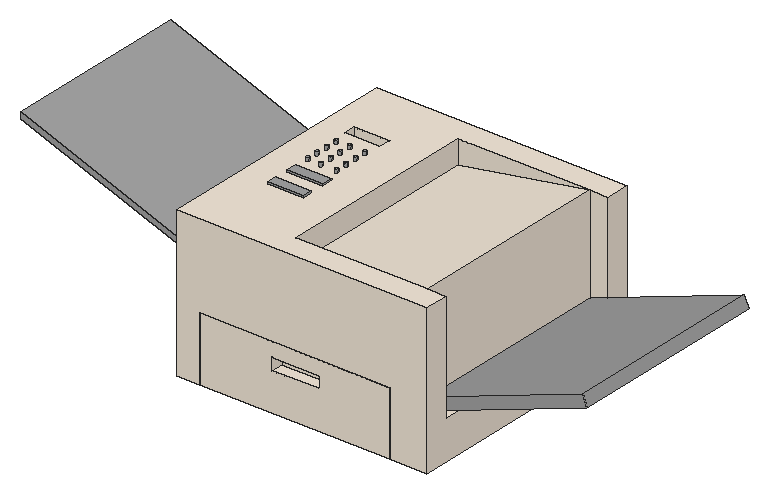
Revit family
Parameters (values of type "Fax - Table")
  Material Trays/Buttons = Plastic - Gray, Dark
  Material Fax = Plastic - White
  Keynote = "N"
  Assembly Code = "E1010800"
Reference planes
  plane 1 "Center F/B": y = 24.669
  plane 2: z = 0
  plane 3 "Center L/R": x = -2.165
  plane 4: x = -268.865
  plane 5: x = 264.535
  plane 6: y = 291.369
  plane 7: y = -242.031
Forms (mm)
  Extrusion 1, solid, material "Plastic - White" <- "Material Fax"
    sketch origin (0, 0, -472.355) x (1, 0, 0) y (0, 1, 0)
      loop
        line (-268.865, 291.369) -> (-268.865, -242.031) -> (264.535, -242.031) -> (264.535, 291.369) -> (-268.865, 291.369)
    from 472.355 to 789.122
  Extrusion 2, void
    sketch origin (-268.865, -242.031, -155.588) x (0, 0, -1) y (1, 0, 0)
      loop
        line (-155.588, 48.279) -> (-155.588, 454.679) -> (-292.833, 454.679) -> (-292.833, 48.279) -> (-155.588, 48.279)
    from 0 to -50.8
  Extrusion 3, solid, material "Plastic - White" <- "Material Fax"
    sketch origin (0, 24.669, -472.355) x (1, 0, 0) y (0, 0, 1)
      loop
        line (-220.586, 472.355) -> (185.814, 472.355) -> (185.814, 609.6) -> (-220.586, 609.6) -> (-220.586, 472.355)
    from 266.7 to 215.9
  Extrusion 4, void
    sketch origin (-268.865, -242.031, -155.588) x (0, 0, -1) y (1, 0, 0)
      loop
        line (-262.092, 202.091) -> (-236.692, 202.091) -> (-236.692, 303.691) -> (-262.092, 303.691) -> (-262.092, 202.091)
    from 0 to -25.4
  Extrusion 5, solid, material "Plastic - Gray, Dark" <- "Material Trays/Buttons"
    sketch origin (0, 24.669, 0) x (1, 0, 0) y (0, 0, 1)
      loop
        line (-268.865, 200.666) -> (-268.865, 213.516) -> (-644.763, 350.332) -> (-644.763, 337.481) -> (-268.865, 200.666)
    from -185.012 to 215.9
  Extrusion 6, void
    sketch origin (264.535, -242.031, 316.767) x (0, 0, -1) y (0, 1, 0)
      loop
        line (-20.714, 50.8) -> (233.286, 50.8) -> (233.286, 482.6) -> (-20.714, 482.6) -> (-20.714, 50.8)
    from 0 to -39.149
  Extrusion 7, solid, material "Plastic - Gray, Dark" <- "Material Trays/Buttons"
    sketch origin (-10.177, 24.669, 11.745) x (1, 0, 0) y (0, 0, 1)
      loop
        line (235.563, 72.937) -> (574.821, 196.416) -> (566.134, 220.285) -> (235.563, 99.967) -> (235.563, 72.937)
    from 215.9 to -215.9
  Extrusion 8, solid, material "Plastic - Gray, Dark" <- "Material Trays/Buttons"
    sketch origin (-226.756, 215.169, 316.767) x (-1, 0, 0) y (0, -1, 0)
      loop
        circle (-21.697, 189.095) r 3.175
      loop
        circle (-50.468, 189.095) r 3.175
      loop
        circle (-83.668, 189.546) r 3.175
      loop
        circle (-83.24, 163.695) r 3.175
      loop
        circle (-50.468, 163.695) r 3.175
      loop
        circle (-21.697, 163.695) r 3.175
      loop
        circle (-21.697, 138.295) r 3.175
      loop
        circle (-50.468, 138.295) r 3.175
      loop
        circle (-83.24, 138.295) r 3.175
      loop
        circle (-83.24, 112.895) r 3.175
      loop
        circle (-50.468, 112.895) r 3.175
      loop
        circle (-21.697, 112.895) r 3.175
    from 0 to 6.35
  Extrusion 9, void
    sketch origin (-226.756, 291.369, 316.767) x (-1, 0, 0) y (0, -1, 0)
      loop
        line (-10.843, 128.193) -> (-10.843, 153.593) -> (-87.043, 153.593) -> (-87.043, 128.193) -> (-10.843, 128.193)
    from 0 to -25.4
  Extrusion 10, solid, material "Plastic - Gray, Dark" <- "Material Trays/Buttons"
    sketch origin (-226.756, 291.369, 316.767) x (-1, 0, 0) y (0, -1, 0)
      loop
        line (-18.788, 292.769) -> (-18.788, 317.5) -> (-94.988, 317.5) -> (-94.988, 292.769) -> (-18.788, 292.769)
      loop
        line (-18.788, 347.249) -> (-18.788, 368.3) -> (-94.988, 368.3) -> (-94.988, 347.249) -> (-18.788, 347.249)
    from 0 to 3.175
  Extrusion 11, void
    sketch origin (0, 24.669, 0) x (1, 0, 0) y (0, 0, 1)
      loop
        line (-55.568, 316.767) -> (-55.568, 265.967) -> (225.386, 316.767) -> (-55.568, 316.767)
    from -215.9 to 215.9
Cuts and joins
  Extrusion 2, Extrusion 4, Extrusion 6, Extrusion 9, Extrusion 11 cuts Extrusion 1
  Extrusion 4, Extrusion 6, Extrusion 9, Extrusion 11 cuts Extrusion 3
  Extrusion 6, Extrusion 9, Extrusion 11 cuts Extrusion 5
  Extrusion 9, Extrusion 11 cuts Extrusion 7
  Extrusion 11 cuts Extrusion 10
Lines and regions (mm)
  Masking region 1
    outline origin (0, 0, 0) x (1, 0, 0) y (0, 1, 0)
      loop
        line (264.535, 291.369) -> (-268.865, 291.369) -> (-268.865, 209.68) -> (-644.763, 209.68) -> (-644.763, -191.231) -> (-268.865, -191.231) -> (-268.865, -242.031) -> (264.535, -242.031) -> (264.535, -191.231) -> (564.644, -191.231) -> (564.644, 240.569) -> (264.535, 240.569) -> (264.535, 291.369)
  symbolic lines
    curve 1: line (-268.865, 209.68, 0) -> (-644.763, 209.68, 0)
    curve 2: line (-644.763, 209.68, 0) -> (-644.763, -191.231, 0)
    curve 3: line (-644.763, -191.231, 0) -> (-268.865, -191.231, 0)
    curve 4: line (555.957, -191.231, 0) -> (555.957, 240.569, 0)
    curve 5: line (564.644, 240.569, 0) -> (225.386, 240.569, 0)
    curve 6: line (225.386, -191.231, 0) -> (564.644, -191.231, 0)
    curve 7: line (264.535, -242.031, 0) -> (264.535, 291.369, 0)
    curve 8: line (264.535, 291.369, 0) -> (-268.865, 291.369, 0)
    curve 9: line (-268.865, 291.369, 0) -> (-268.865, -242.031, 0)
    curve 10: line (-268.865, -242.031, 0) -> (264.535, -242.031, 0)
    curve 11: line (225.386, 240.569, 0) -> (225.386, -191.231, 0)
    curve 12: line (-55.568, 240.569, 0) -> (-55.568, -191.231, 0)
    curve 13: line (225.386, 240.569, 0) -> (-55.568, 240.569, 0)
    curve 14: line (185.814, -191.231, 0) -> (-220.586, -191.231, 0)
    curve 15: line (185.814, -242.031, 0) -> (185.814, -191.231, 0)
    curve 16: line (-220.586, -191.231, 0) -> (-220.586, -242.031, 0)
    curve 17: line (34.826, -216.631, 0) -> (-66.774, -216.631, 0)
    curve 18: line (-66.774, -216.631, 0) -> (-66.774, -242.031, 0)
    curve 19: line (34.826, -242.031, 0) -> (34.826, -216.631, 0)
    curve 20: line (-207.968, -76.931, 0) -> (-131.768, -76.931, 0)
    curve 21: line (-131.768, -55.88, 0) -> (-207.968, -55.88, 0)
    curve 22: line (-207.968, -26.131, 0) -> (-131.768, -26.131, 0)
    curve 23: line (-131.768, -1.4, 0) -> (-207.968, -1.4, 0)
    curve 24: line (-215.913, 137.776, 0) -> (-139.713, 137.776, 0)
    curve 25: line (-139.713, 163.176, 0) -> (-215.913, 163.176, 0)
    curve 26: line (-131.768, -26.131, 0) -> (-131.768, -1.4, 0)
    curve 27: line (-207.968, -1.4, 0) -> (-207.968, -26.131, 0)
    curve 28: line (-131.768, -76.931, 0) -> (-131.768, -55.88, 0)
    curve 29: line (-207.968, -55.88, 0) -> (-207.968, -76.931, 0)
    curve 30: line (-139.713, 137.776, 0) -> (-139.713, 163.176, 0)
    curve 31: line (-215.913, 163.176, 0) -> (-215.913, 137.776, 0)
Dimensions and locks
  equal spacing: plane 7, plane 1 "Center F/B", plane 6
  equal spacing: plane 4, plane 3 "Center L/R", plane 5
